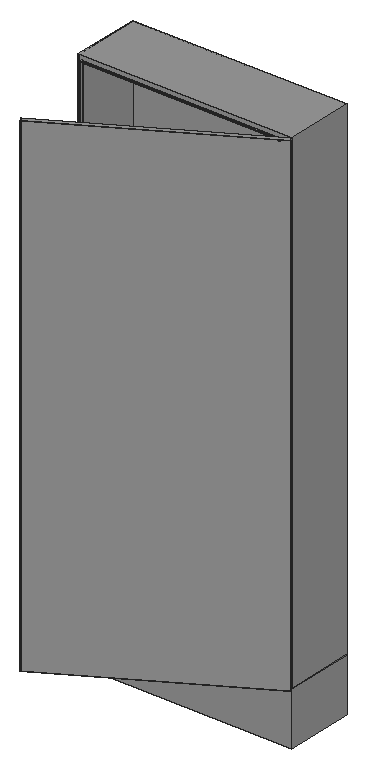
Revit family "Hager-Univers-IP55-D275-H2050-Cl.II-Steel_encl-NoHosted-PL-pl", category Electrical Equipment, Revit 2020
Family settings
  Panel Configuration = Two Columns, Circuits Across
  Round Connector Dimension = Use Diameter
  Part Type = Panelboard
  Work Plane-Based = Yes
  Always vertical = Yes
  Cut with Voids When Loaded = No
  Shared = No
  Room Calculation Point = No
Parameters (values of type "Montaż podłogowy IP55 S800 W2050 G275  - FR23S2")
  Width Control [instance] = if([EF000008 - Szerokość] > Min Width, [EF000008 - Szerokość], Min Width)  # 800 mm
  Type Comments = [HG000003 - Zakres]  # "Univers"
  Thickness Door [instance] = if([EF009171 - Drzwi/pokrywa z materiału o wysokiej wytrzymałości mechanicznej] > 3 mm, 3 mm, [EF009171 - Drzwi/pokrywa z materiału o wysokiej wytrzymałości mechanicznej])  # 1.5 mm
  Seal Frame Offset [instance] = 17 mm  # constant formula
  Plinth Visibility [instance] = [HG000027 - Wysokość cokołu] > 0 mm  # yes
  Min Width [instance] = 100 mm  # constant formula
  Min Depth [instance] = (2 * [EF009170 - Obudowa z materiału o wysokiej wytrzymałości mechanicznej]) + 1 mm  # 4 mm
  Min Height [instance] = 100 mm  # constant formula
  Internal Frame Depth [instance] = (Door System Depth * 0.5)  # 9 mm
  Panel Name [instance] = ""  # (empty or 0)
  Model = ""
  HG000027 - Wysokość cokołu = 200 mm
  HG000026 - Stojąca = yes
  HG000024 - Wysokość części dolnej = 600 mm
  HG000023 - Obudowa dwusekcyjna = no
  HG000016 - Widoczność drzwi w widoku 3D [instance] = yes
  HG000015 - Przestrzeń robocza - otwarcie drzwi [instance] = no
  HG000014 - Drzwi prawe [instance] = yes
  HG000013 - Drzwi lewe [instance] = not([HG000014 - Drzwi prawe])  # no
  HG000012 - Kąt otwarcia drzwi [instance] = 30.00°
  HG000010 - Drzwi asymetryczne = no
  HG000009 - Drzwi dwuskrzydłowe = no
  HG000006 - Montaż podtynkowy = no
  HG000004 - Referencja producenta = "FR23S2"
  HG000003 - Zakres = "Univers"
  HG000002 - Z drzwiami lub pokrywą = yes
  Frame Offset Bottom [instance] = 10 mm  # constant formula
  Frame Offset [instance] = 15 mm  # constant formula
  EF015940 - Pokrywa z wyzwalaczem nadciśnieniowym = no
  EF011959 - Stopień ochrony (NEMA) = ""
  EF009554 - Liczba otworów pod flansze = 6
  EF009212 - Wykonanie pokrywy = "EV000116 - Zamknięty"
  EF009171 - Drzwi/pokrywa z materiału o wysokiej wytrzymałości mechanicznej = 1.5 mm
  EF009170 - Obudowa z materiału o wysokiej wytrzymałości mechanicznej = 1.5 mm
  EF008873 - Prąd znamionowy (In) = 800 A
  EF007800 - Do ochrony odgromowej = no
  EF006306 - Z zamkiem = no
  EF006244 - Transparentna pokrywa/drzwi = no
  EF005474 - Stopień ochrony (IP) = "EV006420 - IP55"
  EF004464 - Rodzaj drzwi = "EV002646 - Pojedynczy"
  EF004427 - Liczba modułów = 432
  EF004293 - Odporność udarowa = "EV008784 - IK10"
  EF003532 - Do zastosowań zewnętrznych = no
  EF002950 - Szerokość wyrażona liczbą modułów = 24
  EF001613 - Podtrzymanie funkcji = "EV000494 - Brak"
  EF001596 - Materiał obudowy = "EV000179 - Stal"
  EF001131 - Głębokość wewnętrzna = 275 mm
  EF001088 - Możliwość rozbudowy = yes
  EF000437 - Liczba wejść kablowych = 6
  EF000339 - Rodzaj pokrywy = "EV004216 - Drzwi"
  EF000266 - Liczba rzędów = 12
  EF000218 - Głębokość wbudowania = 0 mm
  EF000118 - Z płytą montażową = no
  EF000116 - Numer RAL = "7035"
  EF000049 - Głębokość = 275 mm
  EF000040 - Wysokość = 2050 mm
  EF000008 - Szerokość = 800 mm
  EF000007 - Kolor = "EV000270 - Szary"
  EF000003 - Sposób montażu = "EV012274 - Montaż podłogowy"
  Door System Leaf Tolerance [instance] = 1.5 mm  # constant formula
  Door System Depth [instance] = 18 mm  # constant formula
  Door Height [instance] = Height Control - [HG000027 - Wysokość cokołu]  # 1850 mm
  Description = ""
  Default Elevation = 1219.2 mm
  Connector Offset [instance] = Height Control / 2  # 1025 mm
  Manufacturer = "Hager"  # constant formula
  Height Control [instance] = if([EF000040 - Wysokość] > Min Height, [EF000040 - Wysokość], Min Height)  # 2050 mm
  Depth Control [instance] = if([EF000049 - Głębokość] > Min Depth, [EF000049 - Głębokość], Min Depth)  # 275 mm
  Bottom Top Plate Trim [instance] = 1.5 mm  # constant formula
  Plinth height Ctrl [instance] = if([HG000027 - Wysokość cokołu] > 0 mm, [HG000027 - Wysokość cokołu], 12 mm)  # 200 mm
Types (11, lengths in mm): name | Width Control | HG000010 - Drzwi asymetryczne | HG000009 - Drzwi dwuskrzydłowe | HG000004 - Referencja producenta | EF009554 - Liczba otworów pod flansze | EF006244 - Transparentna pokrywa/drzwi | EF004464 - Rodzaj drzwi | EF004427 - Liczba modułów | EF000437 - Liczba wejść kablowych | EF000008 - Szerokość
  Montaż podłogowy IP55 S1050 W2050 G275  - FR24L2 | 1050 | yes | yes | "FR24L2" | 8 | yes | "EV003602 - Podwójny" | 576 | 8 | 1050
  Montaż podłogowy IP55 S1050 W2050 G275  - FR24S2 | 1050 | yes | yes | "FR24S2" | 8 | no | "EV003602 - Podwójny" | 576 | 8 | 1050
  Montaż podłogowy IP55 S1300 W2050 G275  - FR25L2 | 1300 | yes | yes | "FR25L2" | 10 | yes | "EV003602 - Podwójny" | 720 | 10 | 1300
  Montaż podłogowy IP55 S1300 W2050 G275  - FR25S2 | 1300 | yes | yes | "FR25S2" | 10 | no | "EV003602 - Podwójny" | 720 | 10 | 1300
  Montaż podłogowy IP55 S1550 W2050 G275  - FR26L2 | 1550 | yes | yes | "FR26L2" | 12 | yes | "EV003602 - Podwójny" | 864 | 12 | 1550
  Montaż podłogowy IP55 S1550 W2050 G275  - FR26S2 | 1550 | yes | yes | "FR26S2" | 12 | no | "EV003602 - Podwójny" | 864 | 12 | 1550
  Montaż podłogowy IP55 S300 W2050 G275  - FR21S2 | 300 | no | no | "FR21S2" | 2 | no | "EV002646 - Pojedynczy" | 144 | 2 | 300
  Montaż podłogowy IP55 S550 W2050 G275  - FR22L2 | 550 | no | no | "FR22L2" | 4 | yes | "EV002646 - Pojedynczy" | 288 | 4 | 550
  Montaż podłogowy IP55 S550 W2050 G275  - FR22S2 | 550 | no | no | "FR22S2" | 4 | no | "EV002646 - Pojedynczy" | 288 | 4 | 550
  Montaż podłogowy IP55 S800 W2050 G275  - FR23L2 | 800 | no | no | "FR23L2" | 6 | yes | "EV002646 - Pojedynczy" | 432 | 6 | 800
  Montaż podłogowy IP55 S800 W2050 G275  - FR23S2 | 800 | no | no | "FR23S2" | 6 | no | "EV002646 - Pojedynczy" | 432 | 6 | 800
Reference planes
  plane 1 "Center (Front/Back)": y = 0
  plane 2: z = 0
  plane 3 "Center (Left/Right)": x = 0
  plane 4: y = 0
  plane 5: y = 0
  plane 6: z = 0
  plane 7: x = -400
  plane 8: x = 400
  plane 9: x = 398.5
  plane 10: x = -398.5
  plane 11: z = 200
  plane 12: z = 201.5
  plane 13: y = -275
  plane 14: y = -1.5
  plane 15: x = 0
  plane 16: y = -257
  plane 17: y = -273.5
  plane 18: y = -255.5
  plane 19: x = -383.5
  plane 20: x = 383.5
  plane 21: z = 211.5
  plane 22: x = -383
  plane 23: x = 383
  plane 24: z = 200
  plane 25: z = 2050
  plane 26: z = 2050
  plane 27: z = 2033.5
  plane 28: z = 2048.5
Forms (mm)
  Extrusion 1, solid, material "Hager_Steel_RAL7035_Light_Grey", detail levels medium+fine
    sketch origin (-208.679, -4572, 200) x (-1, 0, 0) y (0, -1, 0)
      loop
        line (191.321, -4315) -> (-608.679, -4315) -> (-608.679, -4572) -> (191.321, -4572) -> (191.321, -4315)
    from 0 to 1850
  Extrusion 2, void
    sketch origin (-350.771, -275, 1219.2) x (1, 0, 0) y (0, 0, 1)
      loop
        line (-47.729, 829.3) -> (-47.729, -1017.7) -> (749.271, -1017.7) -> (749.271, 829.3) -> (-47.729, 829.3)
    from -19.5 to -273.5
  Extrusion 3, void
    sketch origin (-290.084, -257, 1219.2) x (1, 0, 0) y (0, 0, 1)
      loop
        line (-93.416, -1007.7) -> (673.584, -1007.7) -> (673.584, 814.3) -> (-93.416, 814.3) -> (-93.416, -1007.7)
    from 0 to -1.5
  Extrusion 4, solid, material "Hager_Steel_RAL7035_Light_Grey", visible <- "Plinth Visibility", detail levels medium+fine
    sketch origin (0, 0, 0) x (1, 0, 0) y (0, 1, 0)
      loop
        line (-400, 0) -> (-400, -257) -> (400, -257) -> (400, 0) -> (-400, 0)
    from 0 to 200 <- "Plinth height Ctrl"
  Extrusion 5, solid, material "Hager_Steel_RAL7035_Light_Grey", detail levels coarse
    sketch origin (0, 0, 0) x (1, 0, 0) y (0, 1, 0)
      loop
        line (-400, 0) -> (-400, -275) -> (400, -275) -> (400, 0) -> (-400, 0)
    from 0 to 2050 <- "Height Control"
  Sweep 6, void
    path in 3D
      loop
        line (-400, -257, 200) -> (400, -257, 200) -> (400, 0, 200) -> (-400, 0, 200) -> (-400, -257, 200)
    profile origin (-400, -128.5, 200) x (1, 0, 0) y (0, 0, 1)
      loop
        line (0, 0) -> (0, -1.5) -> (1.5, -1.5)
        arc (1.5, -1.5) -> (1.061, -0.439) -> (0, 0) r 1.5
  Extrusion 7, solid, material "Hager_Steel_RAL7035_Light_Grey", detail levels fine
    sketch origin (-400, -257, 200) x (1, 0, 0) y (0, 0, 1)
      loop
        line (16.5, 11.5) -> (783.5, 11.5) -> (783.5, 1833.5) -> (16.5, 1833.5) -> (16.5, 11.5)
      loop
        line (15, 10) -> (785, 10) -> (785, 1835) -> (15, 1835) -> (15, 10)
    from 0 to 9 <- "Internal Frame Depth"
Cuts and joins
  Extrusion 2, Extrusion 3 cuts Extrusion 1
  Sweep 6 cuts Extrusion 4
Lines and regions (mm)
  Masking region 1
    outline origin (0, 0, 0) x (1, 0, 0) y (0, 1, 0)
      loop
        line (-400, 0) -> (-400, -275) -> (400, -275) -> (400, 0) -> (-400, 0)
  Masking region 2, detail levels coarse
    outline origin (-290.084, -257, 1219.2) x (-1, 0, 0) y (0, 0, 1)
      loop
        line (-690.084, -1219.2) -> (109.916, -1219.2) -> (109.916, 830.8) -> (-690.084, 830.8) -> (-690.084, -1219.2)
  Masking region 3, detail levels coarse
    outline origin (0, 0, 0) x (0, 1, 0) y (0, 0, 1)
      loop
        line (0, 0) -> (0, 2050) -> (-275, 2050) -> (-275, 0) -> (0, 0)
  Masking region 4, visible <- "Plinth Visibility", detail levels medium+fine
    outline origin (0, 0, 0) x (0, 1, 0) y (0, 0, 1)
      loop
        line (-1.5, 200) -> (-255.5, 200)
        arc (-255.5, 200) -> (-255.939, 198.939) -> (-257, 198.5) r 1.5
        line (-257, 198.5) -> (-257, 0) -> (0, 0) -> (0, 198.5)
        arc (0, 198.5) -> (-1.061, 198.939) -> (-1.5, 200) r 1.5
  Masking region 5, detail levels medium+fine
    outline origin (0, 0, 594.038) x (0, 1, 0) y (0, 0, 1)
      loop
        line (0, -394.038) -> (0, 1455.962) -> (-257, 1455.962) -> (-257, -394.038) -> (0, -394.038)
  Masking region 6, detail levels medium+fine
    outline origin (-359.7, -257, 1211.883) x (-1, 0, 0) y (0, 0, 1)
      loop
        line (-759.7, -1011.883) -> (40.3, -1011.883) -> (40.3, 838.117) -> (-759.7, 838.117) -> (-759.7, -1011.883)
  Masking region 7, visible <- "Plinth Visibility", detail levels medium+fine
    outline origin (-320.334, -257, 1041.368) x (-1, 0, 0) y (0, 0, 1)
      loop
        line (-720.334, -1041.368) -> (79.666, -1041.368) -> (79.666, -842.868)
        arc (79.666, -842.868) -> (78.606, -842.429) -> (78.166, -841.368) r 1.5
        line (78.166, -841.368) -> (-718.834, -841.368)
        arc (-718.834, -841.368) -> (-719.273, -842.429) -> (-720.334, -842.868) r 1.5
        line (-720.334, -842.868) -> (-720.334, -1041.368)
  sketch lines
    curve 1: line (-400, 0, 200) -> (-400, -257, 200)
    curve 2: line (-400, -257, 200) -> (400, -257, 200)
    curve 3: line (400, 0, 200) -> (-400, 0, 200)
    curve 4: line (400, -257, 200) -> (400, 0, 200)
Dimensions and locks
  locked: plane 1 "Center (Front/Back)" to plane 5
  "EF009170 - Obudowa z materiału o wysokiej wytrzymałości mechanicznej": plane 7 to plane 10
  "EF009170 - Obudowa z materiału o wysokiej wytrzymałości mechanicznej": plane 8 to plane 9
  equal spacing: plane 7, plane 3 "Center (Left/Right)", plane 8
  "Width Control": plane 7 to plane 8
  "Depth Control": plane 4 to plane 13
  "EF009170 - Obudowa z materiału o wysokiej wytrzymałości mechanicznej": plane 4 to plane 14
  "Height Control": plane 25 to level
  "HG000027 - Wysokość cokołu": plane 11 to level
  "EF009170 - Obudowa z materiału o wysokiej wytrzymałości mechanicznej": plane 12 to plane 11
  "EF009170 - Obudowa z materiału o wysokiej wytrzymałości mechanicznej": plane 17 to plane 13
  "EF009170 - Obudowa z materiału o wysokiej wytrzymałości mechanicznej": plane 18 to plane 16
  "Frame Offset Bottom": plane 21 to plane 12
  "Frame Offset": plane 10 to plane 19
  "Frame Offset": plane 9 to plane 20
  "Door System Depth": plane 16 to plane 13
  "Seal Frame Offset": plane 7 to plane 22
  "Seal Frame Offset": plane 8 to plane 23
  "EF009170 - Obudowa z materiału o wysokiej wytrzymałości mechanicznej": plane 26 to plane 28
  "Frame Offset": plane 28 to plane 27
  "Connector Offset": plane 2 to connector elem
  "Bottom Top Plate Trim": profile plane to Sweep 6 sketch curve
  "Bottom Top Plate Trim": Sweep 6 sketch curve to Sweep 6 sketch curve
  "Plinth height Ctrl": Masking region 4 sketch curve to level
  "Plinth height Ctrl": Masking region 7 sketch curve to level
  "Thickness Door": Extrusion 7 sketch curve to Extrusion 7 sketch curve  (x4)
  "Bottom Top Plate Trim": radius of Sweep 6 sketch curve
  "Bottom Top Plate Trim": radius of Masking region 4 sketch curve  (x2)
  "Bottom Top Plate Trim": radius of Masking region 7 sketch curve  (x2)
  aligned and locked: Extrusion 2 sketch curve to plane 12
  aligned and locked: Extrusion 2 sketch curve to plane 9
  aligned and locked: Extrusion 2 sketch curve to plane 10
  aligned and locked: Extrusion 2 to plane 14
  aligned and locked: Extrusion 1 sketch curve to plane 4
  aligned and locked: plane 8 to Extrusion 1 sketch curve
  aligned and locked: plane 7 to Extrusion 1 sketch curve
  aligned and locked: Extrusion 2 to plane 18
  aligned and locked: Extrusion 3 sketch curve to plane 19
  aligned and locked: plane 20 to Extrusion 3 sketch curve
  aligned and locked: Extrusion 3 to Extrusion 2
  aligned and locked: Extrusion 3 sketch curve to plane 21
  aligned and locked: plane 3 "Center (Left/Right)" to nested 1
  aligned and locked: Extrusion 1 sketch curve to plane 16
  aligned and locked: Extrusion 4 sketch curve to cut or joined group of Extrusion 1, Extrusion 2, Extrusion 3
  aligned and locked: Masking region 1 sketch curve to plane 7
  aligned and locked: Masking region 1 sketch curve to plane 5
  aligned and locked: Masking region 1 sketch curve to plane 8
  aligned and locked: Masking region 2 sketch curve to level
  aligned and locked: level to Masking region 3 sketch curve
  aligned and locked: plane 1 "Center (Front/Back)" to Masking region 3 sketch curve
  aligned and locked: plane 13 to Masking region 3 sketch curve
  aligned and locked: plane 5 to Masking region 4 sketch curve
  aligned and locked: Masking region 2 sketch curve to plane 8
  aligned and locked: Masking region 2 sketch curve to plane 7
  aligned and locked: plane 7 to nested 2
  aligned and locked: nested 2 to plane 5
  aligned and locked: plane 5 to Masking region 5 sketch curve
  aligned and locked: plane 26 to Masking region 5 sketch curve
  aligned and locked: Extrusion 5 sketch curve to plane 8
  aligned and locked: Extrusion 5 sketch curve to plane 7
  aligned and locked: Extrusion 5 sketch curve to plane 5
  aligned and locked: Extrusion 3 sketch curve to plane 27
  aligned and locked: Extrusion 2 sketch curve to plane 28
  aligned and locked: Masking region 2 to plane 25
  aligned and locked: Extrusion 4 to plane 16
  aligned and locked: profile plane to Sweep 6 sketch curve
  aligned and locked: Masking region 5 sketch curve to plane 24
  aligned and locked: level to Masking region 4 sketch curve
  aligned and locked: Masking region 1 to plane 13
  aligned and locked: nested 1 to plane 16
  aligned and locked: Masking region 3 to plane 25
  aligned and locked: plane 16 to Masking region 4 sketch curve
  aligned and locked: Masking region 5 sketch curve to plane 16
  aligned and locked: plane 24 to plane 11
  aligned and locked: plane 26 to plane 25
  aligned and locked: plane 26 to cut or joined group of Extrusion 1, Extrusion 2, Extrusion 3
  aligned and locked: nested 1 to plane 24
  aligned and locked: Extrusion 1 to Extrusion 3
  aligned and locked: Masking region 6 sketch curve to plane 8
  aligned and locked: Masking region 6 sketch curve to plane 24
  aligned and locked: Masking region 6 sketch curve to plane 7
  aligned and locked: Masking region 6 sketch curve to plane 26
  aligned and locked: Masking region 7 sketch curve to plane 7
  aligned and locked: level to Masking region 7 sketch curve
  aligned and locked: Masking region 7 sketch curve to plane 8
  aligned and locked: Extrusion 7 sketch curve to cut or joined group of Extrusion 1, Extrusion 2, Extrusion 3  (x4)
Automatic sketch dimensions
  plane 19 to Extrusion 3 sketch curve = 0 mm
  Extrusion 3 sketch curve to plane 20 = 0 mm
  Extrusion 3 sketch curve to plane 21 = 0 mm
  Extrusion 4 sketch curve to plane 7 = 0 mm
  Extrusion 4 sketch curve to plane 8 = 0 mm
  Extrusion 4 sketch curve to plane 16 = 0 mm
  Masking region 1 sketch curve to plane 13 = 0 mm
  Masking region 2 sketch curve to plane 25 = 0 mm
  Masking region 3 sketch curve to plane 25 = 0 mm
  Extrusion 5 sketch curve to plane 13 = 0 mm
  profile plane to Sweep 6 sketch curve = 0 mm
Nested families
  nested 1: "EC000058_Univers_Door" at (0, -257, 200), Double <- "HG000009 - Drzwi dwuskrzydłowe", Transparent <- "EF006244 - Transparentna pokrywa/drzwi", Angle <- "HG000012 - Kąt otwarcia drzwi", Door_Right <- "HG000014 - Drzwi prawe", Assymetrical <- "HG000010 - Drzwi asymetryczne", Door <- "HG000002 - Z drzwiami lub pokrywą", Width_Ctrl <- "Width Control", 3d_Door <- "HG000016 - Widoczność drzwi w widoku 3D", Clearance <- "HG000015 - Przestrzeń robocza - otwarcie drzwi", Door_Left <- "HG000013 - Drzwi lewe", Width <- "Width Control", Door_Depth <- "Door System Depth", Leaf_Tolerance <- "Door System Leaf Tolerance", Height <- "Door Height", Lock_Visibility <- "EF006306 - Z zamkiem", Thickness <- "Thickness Door", type "EC000058_Univers_Door", detail levels medium+fine
    with min_wh 4 mm, Width_Ctrl 800 mm, Width 800 mm, Transparent no, Thickness 1.5 mm, Seal_Material Hager_Rubber, Lock_Visibility no, Lock_Material Hager_Plastic_RAL9005_Jet_Black, Leaf_Width 800 mm, Leaf_Tolerance_External_Sides 0 mm, Leaf_Tolerance 1.5 mm, Leaf_Offset 0 mm, Leaf_Height 1847 mm, Leaf_2_Width 800 mm, Leaf_2_Offset 400 mm, Leaf_1_Width 800 mm, Leaf_1_Offset 400 mm, Height_Ctrl 1850 mm, Height 1850 mm, Glass_Material Hager_Glass, Double_Clearance_Ctrl no, Double no, Door_Right_Ctrl yes, Door_Right yes, Door_Material Hager_Steel_RAL7035_Light_Grey, Door_Left_Ctrl no, Door_Left no, Door_Depth 18 mm, Door yes, Clearance_Material Hager_Clearance, Clearance_Depth 800 mm, Clearance_Ctrl no, Clearance no, Assymetrical no, Angle 30.00°, 3d_Door yes
  nested 2: "Hager_Enclosure_Symbol" at (-400, 0, 0), Height <- "Depth Control", Width <- "Width Control", type "Hager_Enclosure_Symbol"
    with Width_Ctrl 800 mm, Width 800 mm, Height_Ctrl 275 mm, Height 275 mm, A_Width_Int 18.047 mm, A_Width 216.562 mm, A_Height_Ctrl 240.625 mm, A_Height 240.625 mm
Connectors
  electrical at (0, 0, 1025)
    settings: on plane 1 "Center (Front/Back)", index 1, voltage 0 V, apparent load 0 VA, apparent load phase1 0 VA, apparent load phase2 0 VA, apparent load phase3 0 VA, power factor 1, load classification "Other", number of poles 1, system type 30, power factor state 1, is connector primary yes, connector utility no, sub classification motor no, connector description ""
Definition of nested family "EC000058_Univers_Door"
  Parameters (values of type "EC000058_Univers_Door")
    min_wh [instance] = (2 * Thickness) + 1 mm  # 11 mm
    Width_Ctrl [instance] = 400 mm
    Width [instance] = 500 mm
    Transparent [instance] = yes
    Thickness [instance] = 5 mm
    Seal_Material [instance] = none
    Lock_Visibility [instance] = yes
    Lock_Material [instance] = none
    Leaf_Width [instance] = if((Width_Ctrl - 2 * Leaf_Tolerance_External_Sides) > 0 mm, (Width_Ctrl - 2 * Leaf_Tolerance_External_Sides), min_wh)  # 400 mm
    Leaf_Tolerance_External_Sides [instance] = 0 mm  # constant formula
    Leaf_Tolerance [instance] = 1.5 mm
    Leaf_Offset [instance] = 0 mm  # constant formula
    Leaf_Height [instance] = if((Height_Ctrl - 2 * Leaf_Tolerance) > 0 mm, (Height_Ctrl - 2 * Leaf_Tolerance), min_wh)  # 497 mm
    Leaf_2_Width [instance] = if(and(and(Double, Assymetrical), Door_Left), (Leaf_Width / 3) - (Leaf_Tolerance / 2), if(and(and(Double, Assymetrical), Door_Right), (Leaf_Width / 3) * 2 - (Leaf_Tolerance / 2), if(and(Double, not(Assymetrical)), (Leaf_Width / 2) - Leaf_Tolerance, Leaf_Width)))  # 400 mm
    Leaf_2_Offset [instance] = if(and(Double, Assymetrical), Leaf_2_Width / 2, if(and(Double, not(Assymetrical)), Leaf_Width / 4, Leaf_Width / 2))  # 200 mm
    Leaf_1_Width [instance] = if(and(and(Double, Assymetrical), Door_Right), (Leaf_Width / 3) - (Leaf_Tolerance / 2), if(and(and(Double, Assymetrical), Door_Left), (Width / 3) * 2 - (Leaf_Tolerance / 2), if(and(Double, not(Assymetrical)), (Leaf_Width / 2) - Leaf_Tolerance, Leaf_Width)))  # 400 mm
    Leaf_1_Offset [instance] = if(and(Double, Assymetrical), Leaf_1_Width / 2, if(and(Double, not(Assymetrical)), Leaf_Width / 4, Leaf_Width / 2))  # 200 mm
    Height_Ctrl [instance] = if(Height > min_wh, Height, min_wh)  # 500 mm
    Height [instance] = 500 mm
    Glass_Material [instance] = none
    Double_Clearance_Ctrl [instance] = and(Double, Clearance)  # no
    Double [instance] = no
    Door_Right_Ctrl [instance] = and(or(Door_Right, Double), Door)  # yes
    Door_Right [instance] = yes
    Door_Material [instance] = none
    Door_Left_Ctrl [instance] = and(or(Door_Left, Double), Door)  # no
    Door_Left [instance] = no
    Door_Depth [instance] = 30 mm
    Door [instance] = yes
    Default Elevation = 1219.2 mm
    Clearance_Material [instance] = none
    Clearance_Depth [instance] = if(Leaf_1_Width > Leaf_2_Width, Leaf_1_Width, Leaf_2_Width)  # 400 mm
    Clearance_Ctrl [instance] = and(not(Double), Clearance)  # yes
    Clearance [instance] = yes
    Assymetrical [instance] = yes
    Angle [instance] = 30.00°
    3d_Door [instance] = yes
  Reference planes
    plane 1 "Center (Front/Back)": y = 0
    plane 2 "Bottom": z = 0
    plane 3 "Center (Left/Right)": x = 0
    plane 4: z = 500
    plane 5: x = -200
    plane 6: x = 200
    plane 7: z = 500
    plane 8: x = -200
    plane 9: z = 0
    plane 10: x = 200
    plane 11: y = 0
    plane 12: z = 1.5
    plane 13: x = -600
    plane 14: y = -400
    plane 15: x = 600
    plane 16: x = 0
    plane 17: x = 0
    plane 18: x = -200
    plane 19: x = 200
    plane 20: z = 498.5
  Forms (mm)
    Extrusion 1, solid, material <- "Clearance_Material", visible <- "Double_Clearance_Ctrl"
      sketch origin (1200, 0, 0) x (1, 0, 0) y (0, 0, -1)
        loop
          line (-1800, -498.5) -> (-600, -498.5) -> (-600, 0) -> (-1800, 0) -> (-1800, -498.5)
      from 0 to -400
  Dimensions and locks
    equal spacing: plane 5, plane 3 "Center (Left/Right)", plane 6
    "Width_Ctrl": plane 5 to plane 6
    "Leaf_Offset": plane 5 to plane 8
    "Leaf_Offset": plane 6 to plane 10
    "Leaf_Offset": plane 9 to level
    "Leaf_Offset": plane 4 to plane 7
    "Height_Ctrl": plane 4 to level
    "Leaf_Tolerance": plane 12 to plane 9
    locked: plane 11 to plane 1 "Center (Front/Back)"
    "Leaf_1_Offset": plane 18 to plane 16
    "Leaf_2_Offset": plane 17 to plane 19
    "Leaf_1_Width": plane 13 to plane 8
    "Leaf_2_Width": plane 10 to plane 15
    "Clearance_Depth": plane 14 to plane 1 "Center (Front/Back)"
    "Leaf_Tolerance_External_Sides": plane 8 to plane 18
    "Leaf_Tolerance_External_Sides": plane 19 to plane 10
    "Leaf_Tolerance": plane 7 to plane 20
    aligned and locked: level to plane 2 "Bottom"
    aligned and locked: nested 1 to plane 16
    aligned and locked: nested 2 to plane 17
    aligned and locked: Extrusion 1 to plane 13
    aligned and locked: plane 15 to Extrusion 1
    aligned and locked: Extrusion 1 to plane 14
    aligned and locked: plane 12 to nested 1
    aligned and locked: nested 2 to plane 12
    aligned and locked: Extrusion 1 to plane 11
    aligned and locked: plane 20 to Extrusion 1
    aligned and locked: nested 2 to plane 11
    aligned and locked: nested 1 to plane 11
  Automatic sketch dimensions
    Extrusion 1 sketch curve to level = 0 mm
    plane 5 to Extrusion 1 sketch curve = 400 mm
    plane 6 to Extrusion 1 sketch curve = 400 mm
    Extrusion 1 sketch curve to plane 4 = 1.5 mm
  Nested families
    nested 1: "EC000058_Univers_Door_Leaf" at (0, 0, 1.5), Width <- "Leaf_1_Width", visible <- "Door_Left_Ctrl", Leaf_Height <- "Leaf_Height", Angle <- "Angle", 3d_Door <- "3d_Door", Transparent <- "Transparent", Clearance Material <- "Clearance_Material", Clearance <- "Clearance_Ctrl", Door_Material <- "Door_Material", Glass_Material <- "Glass_Material", Door_Depth <- "Door_Depth", Lock_Material <- "Lock_Material", Seal_Material <- "Seal_Material", Lock_Visibility <- "Lock_Visibility", Thickness <- "Thickness", type "EC000058_Univers_Door_Leaf"
      with Width 400 mm, Transparent_Glass_Offset 30 mm, Transparent_Ctrl yes, Transparent yes, Thickness 5 mm, Standard no, Seal_Material none, Seal_D2 8 mm, Seal_D1 1 mm, Offset_Internal_Frame 10 mm, Lock_Width 20 mm, Lock_Visibility_3d yes, Lock_Visibility yes, Lock_Thickness_3 3 mm, Lock_Thickness_2 1 mm, Lock_Thickness_1 3 mm, Lock_Radius_Offset_2 16 mm, Lock_Radius_Offset_1 15 mm, Lock_Radius_2 5 mm, Lock_Radius 6 mm, Lock_Offset 5 mm, Lock_Material none, Lock_Height 80 mm, Lock_Cover_Top_Offset_2d 17 mm, Lock_Cover_Height -65 mm, Leaf_Height 497 mm, Internal_Seal_Thickness 8 mm, Internal_Seal_Depth_2 4.5 mm, Internal_Frame_Depth 25 mm, Glass_Thickness -1 mm, Glass_Offset -2 mm, Glass_Material none, Door_Material none, Door_Depth 30 mm, Clearance Material none, Clearance yes, Angle_Ctrl 30.00°, Angle 30.00°, 3d_Door yes
    nested 2: "EC000058_Univers_Door_Leaf" at (0, 0, 1.5) x (-1, 0, 0) z (0, 0, 1), Width <- "Leaf_2_Width", visible <- "Door_Right_Ctrl", Leaf_Height <- "Leaf_Height", Angle <- "Angle", 3d_Door <- "3d_Door", Transparent <- "Transparent", Clearance Material <- "Clearance_Material", Clearance <- "Clearance_Ctrl", Door_Material <- "Door_Material", Glass_Material <- "Glass_Material", Door_Depth <- "Door_Depth", Lock_Material <- "Lock_Material", Seal_Material <- "Seal_Material", Lock_Visibility <- "Lock_Visibility", Thickness <- "Thickness", type "EC000058_Univers_Door_Leaf"
      with Width 400 mm, Transparent_Glass_Offset 30 mm, Transparent_Ctrl yes, Transparent yes, Thickness 5 mm, Standard no, Seal_Material none, Seal_D2 8 mm, Seal_D1 1 mm, Offset_Internal_Frame 10 mm, Lock_Width 20 mm, Lock_Visibility_3d yes, Lock_Visibility yes, Lock_Thickness_3 3 mm, Lock_Thickness_2 1 mm, Lock_Thickness_1 3 mm, Lock_Radius_Offset_2 16 mm, Lock_Radius_Offset_1 15 mm, Lock_Radius_2 5 mm, Lock_Radius 6 mm, Lock_Offset 5 mm, Lock_Material none, Lock_Height 80 mm, Lock_Cover_Top_Offset_2d 17 mm, Lock_Cover_Height -65 mm, Leaf_Height 497 mm, Internal_Seal_Thickness 8 mm, Internal_Seal_Depth_2 4.5 mm, Internal_Frame_Depth 25 mm, Glass_Thickness -1 mm, Glass_Offset -2 mm, Glass_Material none, Door_Material none, Door_Depth 30 mm, Clearance Material none, Clearance yes, Angle_Ctrl 30.00°, Angle 30.00°, 3d_Door yes
  Definition of nested family "EC000058_Univers_Door_Leaf"
    Parameters (values of type "EC000058_Univers_Door_Leaf")
      Width [instance] = 2000 mm
      Transparent_Glass_Offset [instance] = 30 mm
      Transparent_Ctrl [instance] = and(Transparent, [3d_Door])  # yes
      Transparent [instance] = yes
      Thickness [instance] = 5 mm
      Standard [instance] = and(not(Transparent), [3d_Door])  # no
      Seal_Material [instance] = none
      Seal_D2 [instance] = 8 mm  # constant formula
      Seal_D1 [instance] = 1 mm  # constant formula
      Offset_Internal_Frame [instance] = 10 mm  # constant formula
      Lock_Width [instance] = 20 mm  # constant formula
      Lock_Visibility_3d [instance] = and(Lock_Visibility, [3d_Door])  # yes
      Lock_Visibility [instance] = yes
      Lock_Thickness_3 [instance] = 3 mm  # constant formula
      Lock_Thickness_2 [instance] = 1 mm  # constant formula
      Lock_Thickness_1 [instance] = 3 mm  # constant formula
      Lock_Radius_Offset_2 [instance] = Lock_Radius_Offset_1 + 1 mm  # 16 mm
      Lock_Radius_Offset_1 [instance] = 15 mm  # constant formula
      Lock_Radius_2 [instance] = Lock_Radius - 1 mm  # 5 mm
      Lock_Radius [instance] = 6 mm  # constant formula
      Lock_Offset [instance] = 5 mm  # constant formula
      Lock_Material [instance] = none
      Lock_Height [instance] = 80 mm  # constant formula
      Lock_Cover_Top_Offset_2d [instance] = Lock_Radius_Offset_2 + 1 mm  # 17 mm
      Lock_Cover_Height [instance] = -(Lock_Height - Lock_Radius_Offset_1)  # -65 mm
      Leaf_Height [instance] = 2720.336 mm
      Internal_Seal_Thickness [instance] = 8 mm  # constant formula
      Internal_Seal_Depth_2 [instance] = 4.5 mm  # constant formula
      Internal_Frame_Depth [instance] = if(Door_Depth - Thickness > 5 mm, Door_Depth - Thickness, 5 mm)  # 25 mm
      Glass_Thickness [instance] = if(Thickness > 15 mm, Glass_Offset + 10 mm, -1 mm)  # -1 mm
      Glass_Offset [instance] = if(Thickness > 15 mm, -(Thickness + 10 mm) / 2, -2 mm)  # -2 mm
      Glass_Material [instance] = none
      Door_Material [instance] = none
      Door_Depth [instance] = 30 mm
      Default Elevation = 0 mm
      Clearance Material [instance] = none
      Clearance [instance] = yes
      Angle_Ctrl [instance] = if(Angle > 180.00°, 180.00°, Angle)  # 90.00°
      Angle [instance] = 90.00°
      3d_Door [instance] = yes
    Reference planes
      plane 1 "Center (Front/Back)": y = 0
      plane 2: z = 0
      plane 3 "Center (Left/Right)": x = 0
      plane 4: y = 2000
      plane 5: x = -1000
      plane 6: x = 1000
      plane 7: x = -3000
      plane 8: z = 2720.336
      plane 9: z = 30
      plane 10: z = 2690.336
      plane 11: x = 970
      plane 12: x = -970
      plane 13: y = -3
      plane 14: z = 107.833
      plane 15: y = -5
      plane 16: y = -223.314
      plane 17: x = -1000
      plane 18: z = 1360.168
      plane 19: y = 30
    Forms (mm)
      Extrusion 1, solid, material <- "Clearance Material", visible <- "Clearance"
        sketch origin (0, 0, 0) x (1, 0, 0) y (0, 0, 1)
          loop
            line (-3000, 2720.336) -> (-3000, 0) -> (1000, 0) -> (1000, 2720.336) -> (-3000, 2720.336)
        from 0 to -2000
      Extrusion 2, solid, material <- "Door_Material", visible <- "Standard", detail levels medium+fine
        sketch origin (-1000, 0, 0) x (0, 1, 0) y (-1, 0, 0)
          loop
            line (0, 30) -> (0, 25) -> (2000, 25) -> (2000, 30) -> (0, 30)
        from 0 to 2720.336 <- "Leaf_Height"
      Extrusion 3, solid, material <- "Door_Material", visible <- "Transparent_Ctrl", detail levels medium+fine
        sketch origin (-1000, 0, 0) x (0, 1, 0) y (-1, 0, 0)
          loop
            line (0, 25) -> (2000, 25) -> (2000, 30) -> (0, 30) -> (0, 25)
        from 0 to 2720.336 <- "Leaf_Height"
      Extrusion 4, void
        sketch origin (-1025, 2000, 0) x (0, 1, 0) y (0, 0, -1)
          loop
            line (-30, -2690.336) -> (-30, -30) -> (-1970, -30) -> (-1970, -2690.336) -> (-30, -2690.336)
        from 0 to 5 <- "Thickness"
      Sweep 5, solid, material <- "Seal_Material", visible <- "Transparent_Ctrl", detail levels fine
        path in 3D
          loop
            line (-1025, 30, 30) -> (-1025, 30, 2690.336) -> (-1025, 1970, 2690.336) -> (-1025, 1970, 30) -> (-1025, 30, 30)
        profile origin (-1025, 1000, 30) x (1, 0, 0) y (0, 0, 1)
          loop
            line (0, 0) -> (0, -8) -> (1, -8) -> (1, 0) -> (0, 0)
      Extrusion 6, solid, material <- "Glass_Material", visible <- "Transparent_Ctrl", detail levels medium+fine
        sketch origin (-1030, 0, 0) x (0, 1, 0) y (0, 0, -1)
          loop
            line (1970, -2690.336) -> (1970, -30) -> (30, -30) -> (30, -2690.336) -> (1970, -2690.336)
        from -2 <- "Glass_Offset" to -1 <- "Glass_Thickness"
      Extrusion 7, solid, material <- "Door_Material", visible <- "3d_Door", detail levels medium+fine
        sketch origin (-1025, 2000, 0) x (0, -1, 0) y (0, 0, -1)
          loop
            line (0, -2720.336) -> (2000, -2720.336) -> (2000, 0) -> (0, 0) -> (0, -2720.336)
          loop
            line (1995, -5) -> (5, -5) -> (5, -2715.336) -> (1995, -2715.336) -> (1995, -5)
        from 0 to 25 <- "Internal_Frame_Depth"
      Sweep 8, solid, material <- "Seal_Material", visible <- "Transparent_Ctrl", detail levels fine
        path in 3D
          loop
            line (-1025, 0, 0) -> (-1025, 2000, 0) -> (-1025, 2000, 2720.336) -> (-1025, 0, 2720.336) -> (-1025, 0, 0)
        profile origin (-1025, 0, 1360.168) x (1, 0, 0) y (0, 1, 0)
          loop
            line (0, 10) -> (2.975, 10)
            arc (2.975, 10) -> (4.053, 10.447) -> (4.5, 11.525) r 1.525
            line (4.5, 11.525) -> (4.5, 16.527)
            arc (4.5, 16.527) -> (4.069, 17.569) -> (3.027, 18) r 1.473
            line (3.027, 18) -> (0, 18) -> (0, 10)
      Extrusion 9, solid, material <- "Lock_Material", visible <- "Lock_Visibility_3d", detail levels fine
        sketch origin (-1030, 0, 0) x (0, 1, 0) y (0, 0, -1)
          loop
            arc (1993.5, -1400.168) -> (1994.561, -1399.729) -> (1995, -1398.668) r 1.5
            line (1995, -1398.668) -> (1995, -1320.168) -> (1975, -1320.168) -> (1975, -1398.668)
            arc (1975, -1398.668) -> (1975.439, -1399.729) -> (1976.5, -1400.168) r 1.5
            line (1976.5, -1400.168) -> (1993.5, -1400.168)
        from 3 <- "Lock_Thickness_1" to 0
      Blend 10, solid, material <- "Lock_Material", visible <- "Lock_Visibility_3d", detail levels fine
        base sketch origin (-1033, 0, 0) x (0, 1, 0) y (0, 0, -1)
          loop
            line (1975, -1320.168) -> (1975, -1398.668)
            arc (1975, -1398.668) -> (1975.439, -1399.729) -> (1976.5, -1400.168) r 1.5
            line (1976.5, -1400.168) -> (1993.5, -1400.168)
            arc (1993.5, -1400.168) -> (1994.561, -1399.729) -> (1995, -1398.668) r 1.5
            line (1995, -1398.668) -> (1995, -1320.168) -> (1975, -1320.168)
        top sketch origin (-1033, 0, 0) x (0, 1, 0) y (0, 0, -1)
          loop
            line (1976, -1320.168) -> (1976, -1398.668)
            arc (1976, -1398.668) -> (1976.146, -1399.022) -> (1976.5, -1399.168) r 0.5
            line (1976.5, -1399.168) -> (1993.5, -1399.168)
            arc (1993.5, -1399.168) -> (1993.854, -1399.022) -> (1994, -1398.668) r 0.5
            line (1994, -1398.668) -> (1994, -1320.168) -> (1976, -1320.168)
        from 0 to 1 <- "Lock_Thickness_2"
      Blend 11, solid, material <- "Lock_Material", visible <- "Lock_Visibility_3d", detail levels fine
        base sketch origin (-1034, 0, 0) x (0, 1, 0) y (0, 0, -1)
          loop
            line (1978, -1320.168) -> (1978, -1384.168)
            arc (1978, -1384.168) -> (1985, -1391.168) -> (1992, -1384.168) r 7
            line (1992, -1384.168) -> (1992, -1320.168) -> (1978, -1320.168)
        top sketch origin (-1034, 0, 0) x (0, 1, 0) y (0, 0, -1)
          loop
            line (1991, -1320.168) -> (1979, -1320.168) -> (1979, -1383.168)
            arc (1979, -1383.168) -> (1985, -1389.168) -> (1991, -1383.168) r 6
            line (1991, -1383.168) -> (1991, -1320.168)
        from 0 to 3 <- "Lock_Thickness_3"
      Extrusion 12, solid, material <- "Lock_Material", visible <- "Lock_Visibility_3d", detail levels fine
        sketch origin (-1030, 1975, 1320.168) x (1, 0, 0) y (0, -1, 0)
          loop
            line (-7, -19) -> (-7, -1) -> (0, -1) -> (0, 0) -> (-8, 0) -> (-8, -20) -> (0, -20) -> (0, -19) -> (-7, -19)
        from 0 to -65 <- "Lock_Cover_Height"
      Extrusion 13, void
        sketch origin (-1038, 1995, 1320.168) x (-1, 0, 0) y (0, 0, -1)
          loop
            line (-5, -65) -> (0, -65) -> (-5, -60) -> (-5, -65)
        from 0 to 20 <- "Lock_Width"
      Extrusion 14, void
        sketch origin (-1038, 1975, 1320.168) x (0, -1, 0) y (0, 0, -1)
          loop
            circle (-10, -15.995) r 6
          loop
            circle (-10, -15.995) r 5
        from 0 to 2
      Extrusion 15, solid, material <- "Lock_Material", visible <- "Lock_Visibility_3d", detail levels medium
        sketch origin (-1030, 0, 0) x (0, 1, 0) y (0, 0, -1)
          loop
            arc (1993.5, -1400.168) -> (1994.561, -1399.729) -> (1995, -1398.668) r 1.5
            line (1995, -1398.668) -> (1995, -1320.168) -> (1975, -1320.168) -> (1975, -1398.668)
            arc (1975, -1398.668) -> (1975.439, -1399.729) -> (1976.5, -1400.168) r 1.5
            line (1976.5, -1400.168) -> (1993.5, -1400.168)
        from 8 to 0
    Cuts and joins
      Extrusion 4 cuts Extrusion 3
      Extrusion 13, Extrusion 14 cuts Extrusion 9
      Extrusion 14 cuts Blend 11
      Extrusion 13, Extrusion 14 cuts Extrusion 12
      joined: Extrusion 9, Blend 10, Blend 11, Extrusion 12
      Extrusion 14 cuts Extrusion 15
    Lines and regions (mm)
      Masking region 1, visible <- "Lock_Visibility", detail levels fine
        outline origin (0, 0, 0) x (0, 1, 0) y (0, 0, 1)
          loop
            line (30, 1320.168) -> (33, 1320.168) -> (33, 1400.168) -> (30, 1400.168) -> (30, 1320.168)
      Masking region 2, visible <- "Lock_Visibility", detail levels fine
        outline origin (0, 3.143, 0) x (0, 1, 0) y (0, 0, 1)
          loop
            line (29.857, 1354.168) -> (30.857, 1354.168) -> (30.857, 1366.168) -> (29.857, 1366.168) -> (29.857, 1354.168)
      Masking region 3, detail levels medium+fine
        outline origin (0, 0, 0) x (0, 1, 0) y (0, 0, 1)
          loop
            line (0, 0) -> (30, 0) -> (30, 2720.336) -> (0, 2720.336) -> (0, 0)
      Masking region 4, detail levels medium+fine
        outline origin (0, 0, 0) x (1, 0, 0) y (0, 0, 1)
          loop
            line (-1000, 2720.336) -> (-1000, 0) -> (1000, 0) -> (1000, 2720.336) -> (-1000, 2720.336)
      Masking region 5, visible <- "Lock_Visibility", detail levels fine
        outline origin (-47.116, 0, 0) x (1, 0, 0) y (0, 0, 1)
          loop
            arc (1024.616, 1399.168) -> (1023.556, 1398.729) -> (1023.116, 1397.668) r 1.5
            line (1023.116, 1397.668) -> (1023.116, 1320.168) -> (1041.116, 1320.168) -> (1041.116, 1397.668)
            arc (1041.116, 1397.668) -> (1040.677, 1398.729) -> (1039.616, 1399.168) r 1.5
            line (1039.616, 1399.168) -> (1024.616, 1399.168)
      Masking region 6, visible <- "Lock_Visibility", detail levels medium+fine
        outline origin (-25, 0, 0) x (1, 0, 0) y (0, 0, 1)
          loop
            arc (1001.5, 1400.168) -> (1000.439, 1399.729) -> (1000, 1398.668) r 1.5
            line (1000, 1398.668) -> (1000, 1320.168) -> (1020, 1320.168) -> (1020, 1398.668)
            arc (1020, 1398.668) -> (1019.561, 1399.729) -> (1018.5, 1400.168) r 1.5
            line (1018.5, 1400.168) -> (1001.5, 1400.168)
      Masking region 7, visible <- "Lock_Visibility", detail levels fine
        outline origin (-73.735, 0, 0) x (1, 0, 0) y (0, 0, 1)
          loop
            line (1051.735, 1382.168) -> (1065.735, 1382.168) -> (1065.735, 1384.168)
            arc (1065.735, 1384.168) -> (1058.735, 1391.168) -> (1051.735, 1384.168) r 7
            line (1051.735, 1384.168) -> (1051.735, 1382.168)
      Masking region 8, visible <- "Lock_Visibility", detail levels fine
        outline origin (-73.735, 0, 0) x (1, 0, 0) y (0, 0, 1)
          loop
            line (1052.735, 1382.168) -> (1064.735, 1382.168) -> (1064.735, 1383.168)
            arc (1064.735, 1383.168) -> (1058.735, 1389.168) -> (1052.735, 1383.168) r 6
            line (1052.735, 1383.168) -> (1052.735, 1382.168)
      Masking region 9, visible <- "Lock_Visibility", detail levels fine
        outline origin (-25, 0, 0) x (1, 0, 0) y (0, 0, 1)
          loop
            line (1020, 1320.168) -> (1020, 1382.168) -> (1000, 1382.168) -> (1000, 1320.168) -> (1020, 1320.168)
      Masking region 10, detail levels medium+fine
        outline origin (0, 0, 0) x (1, 0, 0) y (0, 0, 1)
          loop
            circle (985, 1335.144) r 6
      Masking region 11, detail levels fine
        outline origin (0, 0, 0) x (1, 0, 0) y (0, 0, 1)
          loop
            circle (985, 1335.144) r 5
      Masking region 12, visible <- "Lock_Visibility", detail levels fine
        outline origin (0, 12.767, 0) x (0, 1, 0) y (0, 0, 1)
          loop
            line (20.233, 1320.168) -> (21.233, 1320.168) -> (21.233, 1399.168) -> (20.233, 1400.168) -> (20.233, 1320.168)
      Masking region 13, visible <- "Lock_Visibility", detail levels fine
        outline origin (0, 13.767, -10) x (0, 1, 0) y (0, 0, 1)
          loop
            line (20.233, 1330.168) -> (23.233, 1330.168) -> (23.233, 1399.168) -> (20.233, 1402.168) -> (20.233, 1330.168)
      Masking region 14, visible <- "Lock_Visibility", detail levels fine
        outline origin (0, 12.767, -10) x (0, 1, 0) y (0, 0, 1)
          loop
            line (20.233, 1330.168) -> (25.233, 1330.168) -> (25.233, 1399.305) -> (20.233, 1394.305) -> (20.233, 1330.168)
      Masking region 15, visible <- "Lock_Visibility", detail levels medium
        outline origin (0, 0, 0) x (0, 1, 0) y (0, 0, 1)
          loop
            line (30, 1320.168) -> (38, 1320.168) -> (38, 1400.168) -> (30, 1400.168) -> (30, 1320.168)
      Masking region 16, visible <- "Lock_Visibility", detail levels fine
        outline origin (-1000, 0, 0) x (0, 1, 0) y (-1, 0, 0)
          loop
            line (1975, 30) -> (1995, 30) -> (1995, 38) -> (1975, 38) -> (1975, 30)
          loop
            line (1979, 37) -> (1976, 37) -> (1976, 34) -> (1978, 34) -> (1979, 37)
          loop
            line (1994, 37) -> (1991, 37) -> (1992, 34) -> (1994, 34) -> (1994, 37)
      Masking region 17, visible <- "Lock_Visibility", detail levels medium
        outline origin (-1000, 0, 0) x (0, 1, 0) y (-1, 0, 0)
          loop
            line (1975, 30) -> (1995, 30) -> (1995, 38) -> (1975, 38) -> (1975, 30)
      symbolic lines
        curve 1: line (1000, 0, 0) -> (-3000, 0, 0)
        curve 2: arc (1000, 0, 0) -> (-1000, 2000, 0) -> (-3000, 0, 0) r 2000
        curve 4: line (-1030, 0, 0) -> (-1030, 2000, 0)
      reference lines
        curve 3: line (-1000, 0, 0) -> (-1000, 2000, 0)
      symbolic lines, detail levels medium+fine
        curve 5: line (-1030, 2000, 0) -> (-1025, 2000, 0)
        curve 7: line (-1025, 0, 0) -> (-1030, 0, 0)
        curve 8: line (-1025, 0, 0) -> (-1000, 0, 0)
        curve 9: line (-1000, 0, 0) -> (-1000, 2000, 0)
        curve 10: line (-1000, 2000, 0) -> (-1025, 2000, 0)
      symbolic lines, detail levels fine
        curve 6: line (-1025, 2000, 0) -> (-1025, 0, 0)
      sketch lines
        curve 11: line (-1025, 0, 2720.336) -> (-1025, 0, 0)
        curve 12: line (-1025, 2000, 0) -> (-1025, 0, 0)
        curve 13: line (-1025, 2000, 2720.336) -> (-1025, 2000, 0)
        curve 14: line (-1025, 0, 2720.336) -> (-1025, 2000, 2720.336)
        curve 15: line (-1025, 1970, 30) -> (-1025, 30, 30)
        curve 16: line (-1025, 30, 30) -> (-1025, 30, 2690.336)
        curve 17: line (-1025, 1970, 2690.336) -> (-1025, 1970, 30)
        curve 18: line (-1025, 30, 2690.336) -> (-1025, 1970, 2690.336)
      symbolic lines, visible <- "Transparent", detail levels medium+fine
        curve 19: line (-970, 0, 2690.336) -> (970, 0, 2690.336)
        curve 20: line (-970, 0, 30) -> (-970, 0, 2690.336)
        curve 21: line (970, 0, 30) -> (-970, 0, 30)
        curve 22: line (970, 0, 2690.336) -> (970, 0, 30)
    Dimensions and locks
      "Width": plane 1 "Center (Front/Back)" to plane 4
      equal spacing: plane 5, plane 3 "Center (Left/Right)", plane 6
      "Width": plane 5 to plane 6
      "Width": plane 7 to plane 5
      "Leaf_Height": plane 8 to level
      "Width": curve 5 to curve 3
      "Width": curve 3 to curve 3
      plane 8 to plane 10 = 30 mm
      plane 9 to level = 30 mm
      plane 12 to plane 5 = 30 mm
      plane 6 to plane 11 = 30 mm
      Extrusion 1 to Extrusion 4 sketch curve = 30 mm
      "Transparent_Glass_Offset": curve 3 to Extrusion 4 sketch curve
      "Transparent_Glass_Offset": Extrusion 4 sketch curve to cut or joined group of Extrusion 3, Extrusion 4  (x2)
      cut or joined group of Extrusion 3, Extrusion 4 to Extrusion 6 sketch curve = 30 mm
      "Transparent_Glass_Offset": cut or joined group of Extrusion 3, Extrusion 4 to Extrusion 4 sketch curve
      "Thickness": curve 6 to curve 4
      "Thickness": Extrusion 7 sketch curve to Extrusion 7 sketch curve  (x4)
      "Door_Depth": curve 4 to curve 3
      "Offset_Internal_Frame": profile plane to Sweep 8 sketch curve
      "Internal_Seal_Thickness": Sweep 8 sketch curve to Sweep 8 sketch curve
      "Internal_Seal_Depth_2": profile plane to Sweep 8 sketch curve
      "Seal_D1": profile plane to Sweep 5 sketch curve
      "Seal_D2": profile plane to Sweep 5 sketch curve
      "Thickness": Extrusion 2 sketch curve to Extrusion 2 sketch curve
      equal spacing: Extrusion 9 sketch curve, plane 18, Extrusion 9 sketch curve  (x2)
      equal spacing: Masking region 1 sketch curve, plane 18, Masking region 1 sketch curve
      "Lock_Height": Masking region 1 sketch curve to Masking region 1 sketch curve
      "Lock_Radius": Masking region 2 sketch curve to plane 18 to Masking region 2 sketch curve
      Masking region 2 sketch curve to Masking region 1 = 1 mm
      "Door_Depth": plane 19 to plane 1 "Center (Front/Back)"
      "Lock_Thickness_1": Masking region 1 sketch curve to plane 19
      "Lock_Width": Extrusion 9 sketch curve to Extrusion 9 sketch curve
      "Lock_Height": Extrusion 9 sketch curve to Extrusion 9 sketch curve
      "Lock_Offset": cut or joined group of Extrusion 3, Extrusion 4 to Extrusion 9 sketch curve
      equal spacing: plane 8, plane 18, level
      "Lock_Radius_Offset_1": Blend 11 sketch curve to Blend 10
      locked: Blend 10 to Blend 11 sketch curve at 2  (x2)
      locked: var sketch to Blend 11 sketch curve at 1  (x2)
      "Lock_Radius_Offset_2": Blend 11 sketch curve to Blend 10
      locked: Extrusion 12 sketch curve to Extrusion 12 sketch curve at 1  (x3)
      Masking region 6 sketch curve to Masking region 6 sketch curve = 80 mm
      "Lock_Height": Masking region 6 sketch curve to Masking region 6 sketch curve
      "Lock_Width": Masking region 6 sketch curve to Masking region 6 sketch curve
      locked: Masking region 6 to Masking region 5 sketch curve at 1  (x3)
      locked: Masking region 5 to Masking region 7 sketch curve at 2  (x2)
      "Lock_Radius_Offset_1": Masking region 5 to Masking region 7 sketch curve
      "Lock_Radius_Offset_2": Masking region 5 to Masking region 8 sketch curve
      locked: Masking region 7 to Masking region 8 sketch curve at 1  (x2)
      "Lock_Cover_Top_Offset_2d": Masking region 5 to Masking region 9 sketch curve
      equal spacing: Masking region 9, Masking region 10 sketch curve, Masking region 9
      equal spacing: Masking region 9, Masking region 11 sketch curve, Masking region 9
      Extrusion 15 sketch curve to Extrusion 15 sketch curve = 80 mm
      "Lock_Width": Extrusion 15 sketch curve to Extrusion 15 sketch curve
      "Lock_Height": Extrusion 15 sketch curve to Extrusion 15 sketch curve
      equal spacing: Extrusion 15 sketch curve, plane 18, Extrusion 15 sketch curve
      "Lock_Thickness_3": Masking region 13 sketch curve to Masking region 13 sketch curve
      "Lock_Height": Masking region 12 sketch curve to Masking region 12 sketch curve
      locked: Masking region 13 sketch curve to Masking region 1 at 8
      locked: Masking region 14 sketch curve to Masking region 13 at 1
      locked: Masking region 14 sketch curve to Masking region 1 at 10.863
      "Lock_Height": Masking region 15 sketch curve to Masking region 15 sketch curve
      "Lock_Offset": Extrusion 15 sketch curve to cut or joined group of Extrusion 3, Extrusion 4
      "Lock_Offset": plane 6 to Masking region 6 sketch curve
      radius of Sweep 8 sketch curve = 1.525 mm
      radius of Sweep 8 sketch curve = 1.473 mm
      radius of Extrusion 9 sketch curve = 1.5 mm  (x2)
      "Lock_Radius": radius of Extrusion 14 sketch curve
      "Lock_Radius_2": radius of Extrusion 14 sketch curve
      "Lock_Radius": radius of Masking region 10 sketch curve
      "Lock_Radius_2": radius of Masking region 11 sketch curve
      radius of Extrusion 15 sketch curve = 1.5 mm  (x2)
      "Angle_Ctrl": angle plane 1 "Center (Front/Back)" to curve 3
      locked: Masking region 12 sketch curve to Masking region 12 sketch curve (angle 45.00°)
      locked: Masking region 13 sketch curve to Masking region 13 sketch curve (angle 45.00°)
      locked: Masking region 14 sketch curve to Masking region 14 sketch curve (angle 45.00°)
      aligned and locked: level to plane 2
      aligned and locked: Extrusion 1 to curve 1
      aligned and locked: plane 6 to Extrusion 1
      aligned and locked: Extrusion 1 to plane 1 "Center (Front/Back)"
      aligned and locked: plane 4 to Extrusion 1
      aligned and locked: plane 8 to Extrusion 1
      aligned and locked: curve 7 to Extrusion 2 sketch curve
      aligned and locked: curve 5 to Extrusion 2 sketch curve
      aligned and locked: curve 7 to Extrusion 3 sketch curve
      aligned and locked: Extrusion 3 sketch curve to curve 4
      aligned and locked: Extrusion 3 sketch curve to curve 6
      aligned and locked: Extrusion 3 sketch curve to curve 5
      aligned and locked: curve 9 to curve 3
      aligned and locked: Extrusion 7 sketch curve to cut or joined group of Extrusion 3, Extrusion 4  (x4)
      aligned and locked: plane 17 to curve 3
      aligned and locked: plane 1 "Center (Front/Back)" to curve 3
      aligned and locked: plane 17 to plane 5
      aligned and locked: Sweep 8 sketch curve to profile plane
      aligned and locked: Sweep 5 sketch curve to profile plane  (x2)
      aligned and locked: Masking region 1 to Masking region 2 sketch curve
      aligned and locked: plane 19 to Masking region 1 sketch curve
      aligned and locked: plane 1 "Center (Front/Back)" to Masking region 3 sketch curve
      aligned and locked: plane 19 to Masking region 3 sketch curve
      aligned and locked: level to Masking region 3 sketch curve
      aligned and locked: Masking region 3 sketch curve to plane 8
      aligned and locked: plane 17 to Masking region 4 sketch curve
      aligned and locked: level to Masking region 4 sketch curve
      aligned and locked: Masking region 4 sketch curve to plane 8
      aligned and locked: plane 12 to curve 20
      aligned and locked: plane 10 to curve 19
      aligned and locked: plane 11 to curve 22
      aligned and locked: curve 21 to plane 9
      aligned and locked: Extrusion 2 sketch curve to cut or joined group of Extrusion 3, Extrusion 4
      aligned and locked: Blend 10 sketch curve to Extrusion 9  (x4)
      aligned and locked: Extrusion 9 to Blend 10 sketch curve
      aligned and locked: Blend 10 to Blend 11 sketch curve
      aligned and locked: Extrusion 12 sketch curve to Blend 11
      aligned and locked: Extrusion 12 sketch curve to Extrusion 9  (x4)
      aligned and locked: Masking region 5 sketch curve to Masking region 6
      aligned and locked: Masking region 9 sketch curve to Masking region 6  (x3)
      aligned and locked: Masking region 12 sketch curve to Masking region 1
      aligned and locked: Masking region 13 sketch curve to Masking region 1
      aligned and locked: Masking region 12 to Masking region 14
      aligned and locked: Masking region 14 sketch curve to Masking region 1
      aligned and locked: Masking region 15 sketch curve to Masking region 14
      aligned and locked: Masking region 13 sketch curve to Masking region 12
      aligned and locked: Masking region 16 sketch curve to cut or joined group of Extrusion 14, Extrusion 15  (x4)
      aligned and locked: Masking region 16 sketch curve to cut or joined group of Extrusion 9, Blend 10, Blend 11, Extrusion 12, Extrusion 13, Extrusion 14  (x6)
      aligned and locked: cut or joined group of Extrusion 9, Blend 10, Blend 11, Extrusion 12, Extrusion 13, Extrusion 14 to Masking region 16 sketch curve
      aligned and locked: Masking region 17 sketch curve to cut or joined group of Extrusion 14, Extrusion 15  (x3)
      aligned and locked: Masking region 17 sketch curve to cut or joined group of Extrusion 9, Blend 10, Blend 11, Extrusion 12, Extrusion 13, Extrusion 14
      aligned and locked: Masking region 9 to Masking region 8 sketch curve
      aligned and locked: Masking region 9 to Masking region 7 sketch curve
    Automatic sketch dimensions
      plane 1 "Center (Front/Back)" to curve 2 = 0 mm
      curve 2 to plane 5 = 0 mm
      Extrusion 1 sketch curve to level = 0 mm
      Extrusion 1 sketch curve to plane 7 = 0 mm
      Extrusion 1 sketch curve to plane 6 = 0 mm
      Extrusion 1 sketch curve to plane 8 = 0 mm
      Extrusion 3 to Extrusion 6 sketch curve = 30 mm  (x4)
      Masking region 4 sketch curve to plane 6 = 0 mm
      Blend 10 sketch curve to Extrusion 9 = 1.5 mm
      Blend 10 sketch curve to Extrusion 9 = 1 mm
      Extrusion 13 sketch curve to Extrusion 12 = 0 mm  (x2)
      Extrusion 12 to Extrusion 13 sketch curve = 3 mm
      Extrusion 13 sketch curve to Extrusion 12 = 5 mm
      Extrusion 14 sketch curve to Extrusion 14 sketch curve = 0 mm  (x2)
      Extrusion 14 sketch curve to Extrusion 12 = 10 mm
      Extrusion 14 sketch curve to Extrusion 12 = 15.995 mm
      Masking region 5 sketch curve to Masking region 5 sketch curve = 1.5 mm  (x2)
      Masking region 10 sketch curve to plane 18 = 25.024 mm
      Masking region 11 sketch curve to plane 18 = 25.024 mm
      plane 19 to Masking region 14 sketch curve = 3 mm
      Masking region 16 sketch curve to Masking region 16 sketch curve = 3 mm
      curve 4 to curve 3 = 0 mm
      Blend 10 to Blend 11 sketch curve = 0 mm
      Masking region 6 sketch curve to Masking region 6 sketch curve = 1.5 mm  (x2)
      Masking region 6 sketch curve to plane 18 = 40 mm
      plane 19 to Masking region 12 sketch curve = 3 mm
      Masking region 12 sketch curve to Masking region 12 sketch curve = 1 mm
      Masking region 15 sketch curve to plane 19 = 0 mm
      Masking region 15 sketch curve to plane 18 = 40 mm
      radius of Blend 10 sketch curve to Extrusion 9 = 1 mm
Definition of nested family "Hager_Enclosure_Symbol"
  Parameters (values of type "Hager_Enclosure_Symbol")
    Width_Ctrl [instance] = if(Width > 1 mm, Width, 1 mm)  # 102.27 mm
    Width [instance] = 102.27 mm
    Height_Ctrl [instance] = if(Height > 1 mm, Height, 1 mm)  # 66.5 mm
    A_Width_Int [instance] = if(A_Width / 12 > 2 mm, A_Width / 12, 2 mm)  # 4.364 mm
    A_Width [instance] = if(A_Height_Ctrl * 0.9 > 2 mm, A_Height_Ctrl * 0.9, 2 mm)  # 52.369 mm
    A_Height_Ctrl [instance] = if(A_Height > 2 mm, A_Height, 2 mm)  # 58.188 mm
    Height [instance] = 66.5 mm
    A_Height [instance] = Height - (Height / 8)  # 58.188 mm
  Reference planes
    plane 1 "Centre (avant/arrière)": y = 0
    plane 2: z = 0
    plane 3 "Centre (gauche/droite)": x = 0
    plane 4: x = 52.369
    plane 5: y = 33.042
    plane 6: y = 41.77
    plane 7: y = 66.5
    plane 8: x = 26.184
    plane 9: y = 37.406
    plane 10: x = 102.27
    plane 11: y = 66.5
    plane 12: y = 8.313
  Lines and regions (mm)
    Filled region 1, type "Solid_Black", in view "Niveau de réf."
      outline origin (0, 0, 0) x (1, 0, 0) y (0, 1, 0)
        loop
          line (52.369, 66.5) -> (33.188, 54.536) -> (45.365, 45.006) -> (52.369, 66.5)
    Filled region 2, type "Solid_Black", in view "Niveau de réf."
      outline origin (0, 0, 0) x (1, 0, 0) y (0, 1, 0)
        loop
          line (0, 0) -> (102.27, 0) -> (102.27, 66.5) -> (0, 0)
    detail lines, in view "Niveau de réf."
      curve 1: line (0, 8.313, 0) -> (26.184, 41.77, 0)
      curve 2: line (26.184, 41.77, 0) -> (26.184, 33.042, 0)
      curve 3: line (26.184, 33.042, 0) -> (52.369, 66.5, 0)
  Dimensions and locks
    "A_Width": plane 3 "Centre (gauche/droite)" to plane 4
    equal spacing: plane 3 "Centre (gauche/droite)", plane 8, plane 4
    equal spacing: plane 6, plane 9, plane 5
    equal spacing: curve 3, Filled region 1 sketch curve, Filled region 1 sketch curve
    "Height_Ctrl": plane 1 "Centre (avant/arrière)" to plane 11
    "A_Height_Ctrl": plane 11 to plane 12
    equal spacing: plane 11, plane 9, plane 12
    "A_Width_Int": plane 6 to plane 9
    "Width_Ctrl": plane 3 "Centre (gauche/droite)" to plane 10
    angle Filled region 1 sketch curve to curve 3 = 20.00°
    angle curve 3 to Filled region 1 sketch curve = 20.00°
    locked: curve 3 to Filled region 1 sketch curve (angle 90.00°)
    aligned and locked: plane 10 to Filled region 2
    aligned and locked: plane 11 to Filled region 2 sketch curve
    aligned and locked: plane 10 to Filled region 2 sketch curve
    aligned and locked: plane 3 "Centre (gauche/droite)" to curve 1
    aligned and locked: plane 12 to curve 1
    aligned and locked: plane 7 to plane 11
  Automatic sketch dimensions
    Filled region 1 sketch curve to plane 4 = 0 mm
    Filled region 1 sketch curve to plane 7 = 0 mm
    plane 1 "Centre (avant/arrière)" to Filled region 2 sketch curve = 0 mm
    Filled region 2 sketch curve to plane 3 "Centre (gauche/droite)" = 0 mm
    curve 2 to plane 6 = 0 mm
    curve 2 to plane 8 = 0 mm
    curve 3 to plane 4 = 0 mm
    curve 2 to plane 5 = 0 mm
    curve 3 to plane 7 = 0 mm
